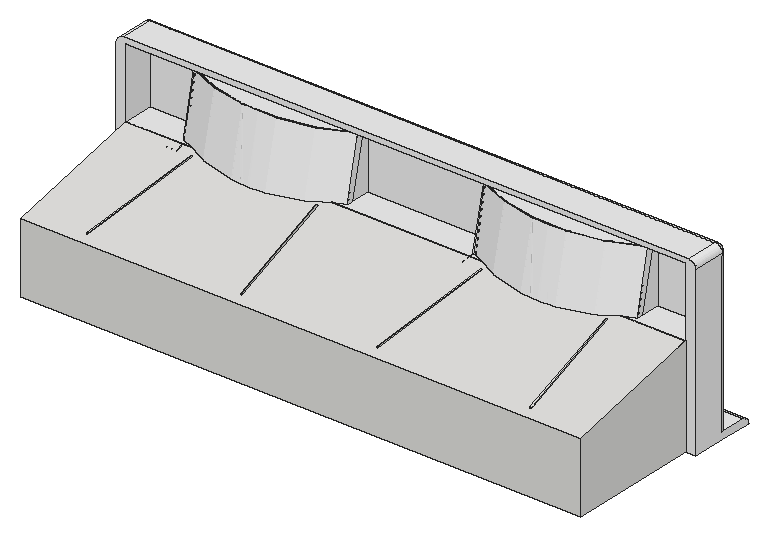
Revit family "Plumbing-Sink-Sloan-Valve-ELC-82000___fffff", category Plumbing Fixtures, host Face, Revit 2020
Family settings
  Host = Face
  Round Connector Dimension = Use Diameter
  Part Type = Normal
  OmniClass Number = 23.45.05.14.14
  OmniClass Title = Sinks/Lavatories
  Cut with Voids When Loaded = No
  Shared = No
  Room Calculation Point = No
Parameters (values of type "ELC-82000")
  Width = 60.00"  # constant formula
  Water Flow = 0.0 GPM
  Waste Connection = yes
  WFU = 2
  Voltage = 110 V
  Vent Connection = no
  Valve Pressure Drop = 0.0 Pa
  URL = "www.sloanvalve.com"
  TAS Ages 4-10 [instance] = no
  TAS Ages 11-15 [instance] = no
  Sanitary Drain Connector Description = "Sanitary Drain Connector"  # constant formula
  Sanitary Drain Connection Diameter = 1.50"  # constant formula
  Product data url = "https://bimobject.com/sloan_valve/product/sinks_sloanstone_ELC-82000"
  Product Material = Sloan - SloanStone - White (WH)
  Power Factor = 1
  Part Number = ""
  Number of Poles = 1
  Model = "ELC-82000"
  Manufacturer = "Sloan Valve"  # constant formula
  Keynote = "10000"
  Hot Water Connector Description = "Hot Water Connector"  # constant formula
  Hot Water Connection Diameter = 0.50"  # constant formula
  Height = 6.78"  # constant formula
  HWFU = 1.5
  HW Connection = yes
  z_Elevation [instance] = if(ADA Compliant, 22.00", if([TAS Ages 4-10], 18.00", if([TAS Ages 11-15], 20.00", 24.00")))  # 22.00"
  Enclosure [instance] = yes
  Edition number = 1
  Description = "SloanStone® 2-Station Wall-Mounted Counter Top Sink."
  Depth = 18.00"  # constant formula
  Default Elevation = 0.00"  # constant formula
  Current = 15 A
  Connector Description = "Electrical Connection"  # constant formula
  Cold Water Connector Description = "Cold Water Connector"  # constant formula
  Cold Water Connection Diameter = 0.50"  # constant formula
  CWFU = 1.5
  CW Connection = yes
  Assembly Code = "D2010400"
  Apparent Load = (Voltage * Current) / (Power Factor * Number of Poles)  # 1650 VA
  ADA Compliant [instance] = yes
Reference planes (in)
  plane 1 "Center (Front/Back)": y = 0
  plane 2: z = 0
  plane 3 "Center (Left/Right)": x = 0
  plane 4: x = -15
  plane 5: x = 15
  plane 6: z = 18
  plane 7: z = 2.13045
  plane 8: y = -14.9375
  plane 9: y = -36.9375
Dimensions and locks (in)
  nested 1 to plane 8 = 11.9375"
  "z_Elevation": plane 8 to plane 9
  aligned and locked: plane 2 to host face
  aligned and locked: level to host face
  aligned and locked: plane 3 "Center (Left/Right)" to nested 1
  aligned and locked: nested 1 to plane 8
Automatic sketch dimensions
  host sketch curve to host sketch curve = 96.00"  (x2)
Nested families (in)
  nested 1: "Geometry" at (0, -3, 0), type "Geometry"
Connectors (in)
  piping at (-15, -14.9375, 0), diameter 1.5, driven by "Sanitary Drain Connection Diameter", driven by "WFU", driven by "Sanitary Drain Connector Description"
    settings: on nested 1, index 5, connector inside diameter 24.00", connector length 0.00", flow factor 0, pipe flow 0.0 GPM, pressure drop 0.0 Pa, fitting loss kfactor 0, connector angle 0.00°, fixture units 2, engagement length 0.00", angle of deflection 0.00°, flow configuration 3, flow direction 2, fitting loss method 0, system type 16, joint type 0, gender type 0, connector reference index -1, connector utility 0, adjustable connector no, is connector primary yes, connector description "Sanitary Drain Connector"
  piping at (-13, -14.9375, 0), diameter 0.5, driven by "Cold Water Connection Diameter", driven by "CWFU", driven by "Cold Water Connector Description"
    settings: on nested 1, index 6, connector inside diameter 24.00", connector length 0.00", flow factor 0, pipe flow 0.0 GPM, pressure drop 0.0 Pa, fitting loss kfactor 0, connector angle 0.00°, fixture units 1.5, engagement length 0.00", angle of deflection 0.00°, flow configuration 3, flow direction 1, fitting loss method 0, system type 20, joint type 0, gender type 0, connector reference index -1, connector utility 0, adjustable connector no, is connector primary no, connector description "Cold Water Connector"
  piping at (-17, -14.9375, 0), diameter 0.5, driven by "Hot Water Connection Diameter", driven by "HWFU", driven by "Hot Water Connector Description"
    settings: on nested 1, index 7, connector inside diameter 24.00", connector length 0.00", flow factor 0, pipe flow 0.0 GPM, pressure drop 0.0 Pa, fitting loss kfactor 0, connector angle 0.00°, fixture units 1.5, engagement length 0.00", angle of deflection 0.00°, flow configuration 3, flow direction 1, fitting loss method 0, system type 19, joint type 0, gender type 0, connector reference index -1, connector utility 0, adjustable connector no, is connector primary no, connector description "Hot Water Connector"
  piping at (15, -14.9375, 0), diameter 1.5, driven by "Sanitary Drain Connection Diameter", driven by "WFU", driven by "Sanitary Drain Connector Description"
    settings: on nested 1, index 8, connector inside diameter 24.00", connector length 0.00", flow factor 0, pipe flow 0.0 GPM, pressure drop 0.0 Pa, fitting loss kfactor 0, connector angle 0.00°, fixture units 2, engagement length 0.00", angle of deflection 0.00°, flow configuration 3, flow direction 2, fitting loss method 0, system type 16, joint type 0, gender type 0, connector reference index -1, connector utility 0, adjustable connector no, is connector primary no, connector description "Sanitary Drain Connector"
  piping at (17, -14.9375, 0), diameter 0.5, driven by "Cold Water Connection Diameter", driven by "CWFU", driven by "Cold Water Connector Description"
    settings: on nested 1, index 9, connector inside diameter 24.00", connector length 0.00", flow factor 0, pipe flow 0.0 GPM, pressure drop 0.0 Pa, fitting loss kfactor 0, connector angle 0.00°, fixture units 1.5, engagement length 0.00", angle of deflection 0.00°, flow configuration 3, flow direction 1, fitting loss method 0, system type 20, joint type 0, gender type 0, connector reference index -1, connector utility 0, adjustable connector no, is connector primary no, connector description "Cold Water Connector"
  piping at (13, -14.9375, 0), diameter 0.5, driven by "Hot Water Connection Diameter", driven by "HWFU", driven by "Hot Water Connector Description"
    settings: on nested 1, index 10, connector inside diameter 24.00", connector length 0.00", flow factor 0, pipe flow 0.0 GPM, pressure drop 0.0 Pa, fitting loss kfactor 0, connector angle 0.00°, fixture units 1.5, engagement length 0.00", angle of deflection 0.00°, flow configuration 3, flow direction 1, fitting loss method 0, system type 19, joint type 0, gender type 0, connector reference index -1, connector utility 0, adjustable connector no, is connector primary no, connector description "Hot Water Connector"
  electrical at (6, -11.9375, 0), driven by "Number of Poles", driven by "Voltage", driven by "Apparent Load", driven by "Power Factor", driven by "Connector Description"
    settings: on nested 1, index 11, voltage 110 V, apparent load 0 VA, apparent load phase1 1650 VA, apparent load phase2 0 VA, apparent load phase3 0 VA, power factor 1, load classification "Other", number of poles 1, system type 31, power factor state 1, is connector primary yes, connector utility no, sub classification motor no, connector description "Electrical Connection"
  electrical at (-24, -11.9375, 0), driven by "Number of Poles", driven by "Voltage", driven by "Apparent Load", driven by "Power Factor", driven by "Connector Description"
    settings: on nested 1, index 12, voltage 110 V, apparent load 0 VA, apparent load phase1 1650 VA, apparent load phase2 0 VA, apparent load phase3 0 VA, power factor 1, load classification "Other", number of poles 1, system type 31, power factor state 1, is connector primary no, connector utility no, sub classification motor no, connector description "Electrical Connection"
Definition of nested family "Geometry"
  Parameters (values of type "Geometry_")
    URL = ""
    Product Material = none
    Model = ""
    Manufacturer = ""
    Enclosure Material = none
    Enclosure = yes
    Description = ""
    Default Elevation = 33.9375"
    Assembly Code = ""
  Reference planes (in)
    plane 1 "Center (Front/Back)": y = 0
    plane 2: z = 0
    plane 3 "Center (Left/Right)": x = 0
    plane 4: z = 18
    plane 5: x = 15
    plane 6: x = -15
    plane 7: y = 3
    plane 8: y = -17.4375
    plane 9: y = -33.9375
    plane 10: y = -3.78125
    plane 11: z = 6.75
    plane 12: y = -11.9375
    plane 13: x = 13
    plane 14: x = 17
    plane 15: y = -3.78125
    plane 16: y = -8.9375
    plane 17: y = -5.89909
    plane 18: x = -23.75
    plane 19: x = -6.25
    plane 20: z = 4.59881
    plane 21: z = 7.6162
    plane 22: y = -33.9375
    plane 23: x = 30
    plane 24: x = -30
    plane 25: x = 29
    plane 26: x = -29
    plane 27: x = 23.75
    plane 28: x = 6.25
    plane 29: z = 7.6162
    plane 30: x = -17
    plane 31: x = -13
  Forms (in)
    Extrusion 1, solid
      sketch origin (0, 0, 0) x (1, 0, 0) y (0, 1, 0)
        loop
          line (-48, 48) -> (-48, -48) -> (48, -48) -> (48, 48) -> (-48, 48)
      from 0 to -12
    Extrusion 2, solid, material <- "Product Material"
      sketch origin (-15, 0, 0) x (0, 1, 0) y (0, 0, 1)
        loop
          line (-4.67455, 0) -> (0, 0) -> (3, 0)
          arc (3, 0) -> (2.78033, 0.53033) -> (2.25, 0.75) r 0.75
          line (2.25, 0.75) -> (0, 0.75) -> (0, 18) -> (-4.67455, 18) -> (-4.67455, 0)
      from -15 to 45
    Blend 3, void
      base sketch origin (-14.99276, 0, 0) x (1, 0, 0) y (0, 0, 1)
        loop
          arc (8, 15.13528) -> (7.85355, 15.48883) -> (7.5, 15.63528) r 0.5
          line (7.5, 15.63528) -> (-7.5, 15.63528)
          arc (-7.5, 15.63528) -> (-7.85355, 15.48883) -> (-8, 15.13528) r 0.5
          line (-8, 15.13528) -> (-8, 5.13528)
          arc (-8, 5.13528) -> (-7.85355, 4.78172) -> (-7.5, 4.63528) r 0.5
          line (-7.5, 4.63528) -> (7.5, 4.63528)
          arc (7.5, 4.63528) -> (7.85355, 4.78172) -> (8, 5.13528) r 0.5
          line (8, 5.13528) -> (8, 15.13528)
      top sketch origin (-14.99276, 0, 0) x (1, 0, 0) y (0, 0, 1)
        loop
          arc (7.5, 4.13528) -> (8.20711, 4.42817) -> (8.5, 5.13528) r 1
          line (8.5, 5.13528) -> (8.5, 15.13528)
          arc (8.5, 15.13528) -> (8.20711, 15.84238) -> (7.5, 16.13528) r 1
          line (7.5, 16.13528) -> (-7.5, 16.13528)
          arc (-7.5, 16.13528) -> (-8.20711, 15.84238) -> (-8.5, 15.13528) r 1
          line (-8.5, 15.13528) -> (-8.5, 5.13528)
          arc (-8.5, 5.13528) -> (-8.20711, 4.42817) -> (-7.5, 4.13528) r 1
          line (-7.5, 4.13528) -> (7.5, 4.13528)
      from 5.04228 to 0
    Blend 4, void
      base sketch origin (0, 0, 0) x (1, 0, 0) y (0, 0, 1)
        loop
          line (-0.5, 0.75) -> (-0.5, 17.49276) -> (-29.48551, 17.49276) -> (-29.48551, 0.75) -> (-0.5, 0.75)
      top sketch origin (0, 0, 0) x (1, 0, 0) y (0, 0, 1)
        loop
          arc (-6.5, 15.13528) -> (-6.79289, 15.84238) -> (-7.5, 16.13528) r 1
          line (-7.5, 16.13528) -> (-22.5, 16.13528)
          arc (-22.5, 16.13528) -> (-23.20711, 15.84238) -> (-23.5, 15.13528) r 1
          line (-23.5, 15.13528) -> (-23.5, 5.13528)
          arc (-23.5, 5.13528) -> (-23.20711, 4.42817) -> (-22.5, 4.13528) r 1
          line (-22.5, 4.13528) -> (-7.5, 4.13528)
          arc (-7.5, 4.13528) -> (-6.79289, 4.42817) -> (-6.5, 5.13528) r 1
          line (-6.5, 5.13528) -> (-6.5, 15.13528)
      from 0 to 0.625
    Extrusion 5, solid, material <- "Enclosure Material"
      sketch origin (15, 15.09345, 0) x (1, 0, 0) y (0, 1, 0)
        loop
          circle (0, -27.03095) r 0.75
        loop
          circle (2, -27.03095) r 0.25
        loop
          circle (-2, -27.03095) r 0.25
      from 0 to 0.01563
    Extrusion 6, solid, material <- "Product Material"
      sketch origin (-15, 0, 0) x (1, 0, 0) y (0, 0, 1)
        loop
          line (1.5625, 0.75) -> (1.5625, 2.13045)
          arc (1.5625, 2.13045) -> (0, 3.69295) -> (-1.5625, 2.13045) r 1.5625
          line (-1.5625, 2.13045) -> (-1.5625, 0.75) -> (1.5625, 0.75)
        loop
          circle (0, 2.2242) r 0.75
      from 0 to 0.75
    Sweep 7, void
      path origin (0, 0, 0) x (1, 0, 0) y (0, 0, 1)
        loop
          line (30, 0.75) -> (30, 17.25)
          arc (30, 17.25) -> (29.78033, 17.78033) -> (29.25, 18) r 0.75
          line (29.25, 18) -> (-29.25, 18)
          arc (-29.25, 18) -> (-29.78033, 17.78033) -> (-30, 17.25) r 0.75
          line (-30, 17.25) -> (-30, 0.75)
      profile origin (30, 0, 9) x (-1, 0, 0) y (0, -1, 0)
        loop
          line (0, 0.38898) -> (0, 0) -> (0.38898, 0)
          arc (0.38898, 0) -> (0.11393, 0.11393) -> (0, 0.38898) r 0.38898
    Extrusion 8, solid, material <- "Product Material"
      sketch origin (-23.25045, 0.02091, 0) x (-0.139173, 0.990268, 0) y (0, 0, 1)
        loop
          circle (-2.06539, 6.60137) r 0.25
        loop
          circle (-2.06539, 6.60137) r 0.1875
      from -0.34335 to -0.28085
    Extrusion 9, solid, material <- "Enclosure Material", visible <- "Enclosure"
      sketch origin (-30, -6.10613, 9.7449) x (0, -0.975993, -0.217802) y (1, 0, 0)
        loop
          line (10.46797, 53.01987) -> (-1.44258, 51.55744) -> (-1.44258, 51.4315) -> (10.46797, 52.89393) -> (10.46797, 53.01987)
        loop
          line (10.46797, 36.98013) -> (10.46797, 37.10607) -> (-1.44258, 38.5685) -> (-1.44258, 38.44256) -> (10.46797, 36.98013)
      from 0 to 0.0625
    Extrusion 10, void
      sketch origin (0, 0, 0) x (1, 0, 0) y (0, 0, 1)
        loop
          line (29.00362, 10.26372) -> (29.00362, 17.49276) -> (0.13036, 17.49276) -> (-29.00362, 17.49276) -> (-29.00362, 10.26372) -> (-23.00362, 10.26372) -> (-23.00362, 15.13528)
          arc (-23.00362, 15.13528) -> (-22.85718, 15.48883) -> (-22.50362, 15.63528) r 0.5
          line (-22.50362, 15.63528) -> (-7.49276, 15.63528)
          arc (-7.49276, 15.63528) -> (-7.1392, 15.48883) -> (-6.99276, 15.13528) r 0.5
          line (-6.99276, 15.13528) -> (-6.99276, 10.26372) -> (-0.06522, 10.26372) -> (6.95629, 10.26372) -> (6.95629, 15.13528)
          arc (6.95629, 15.13528) -> (7.10274, 15.48883) -> (7.45629, 15.63528) r 0.5
          line (7.45629, 15.63528) -> (22.52922, 15.63528)
          arc (22.52922, 15.63528) -> (22.88277, 15.48883) -> (23.02922, 15.13528) r 0.5
          line (23.02922, 15.13528) -> (23.02922, 10.26372) -> (29.00362, 10.26372)
      from 0.625 to 4.67455
    Extrusion 11, solid, material <- "Enclosure Material", visible <- "Enclosure"
      sketch origin (0, 0, 0) x (0, 1, 0) y (0, 0, 1)
        loop
          line (-17.4375, 7.2162) -> (-17.4375, 6.96005) -> (-3.78125, 10.00757) -> (-3.78125, 10.26372) -> (-17.4375, 7.2162)
      from -29 to 29
    Blend 12, solid, material <- "Product Material"
      base sketch origin (15, 0.125, 0) x (1, 0, 0) y (0, 1, 0)
        loop
          arc (-38.5, -1.99005) -> (-30, -4.18096) -> (-21.5, -1.99005) r 17.58403
          line (-21.5, -1.99005) -> (-21.5, -1.41631) -> (-38.5, -1.41631) -> (-38.5, -1.99005)
      top sketch origin (15, 0.125, 0) x (1, 0, 0) y (0, 1, 0)
        loop
          arc (-38.5, -4.74005) -> (-30, -6.93096) -> (-21.5, -4.74005) r 17.58403
          line (-21.5, -4.74005) -> (-21.5, -4.16631)
          arc (-21.5, -4.16631) -> (-30, -6.43096) -> (-38.5, -4.16631) r 17.08403
          line (-38.5, -4.16631) -> (-38.5, -4.74005)
      from 16.24003 to 4.13528
    Extrusion 13, solid, material <- "Product Material"
      sketch origin (15, 0, 0) x (1, 0, 0) y (0, 1, 0)
        loop
          line (-8.5, -0.625) -> (-8.5, -1.86505)
          arc (-8.5, -1.86505) -> (0, -4.05596) -> (8.5, -1.86505) r 17.58403
          line (8.5, -1.86505) -> (8.5, -0.625) -> (-8.5, -0.625)
      from 16.24003 to 16.30253
    Extrusion 14, solid, material <- "Product Material"
      sketch origin (0, 0, 0) x (1, 0, 0) y (0, 1, 0)
        loop
          line (6.55473, -0.625) -> (6.50724, -0.625) -> (6.50724, -4.43554)
          arc (6.50724, -4.43554) -> (6.7309, -4.55667) -> (6.95629, -4.67455) r 17.58403
          line (6.95629, -4.67455) -> (6.55473, -0.625)
      from 5.96236 to 16.30253
    Extrusion 15, void
      sketch origin (0, 0, 0) x (1, 0, 0) y (0, 0, 1)
        loop
          line (30, 17.25) -> (30, 18) -> (29.25, 18)
          arc (29.25, 18) -> (29.78033, 17.78033) -> (30, 17.25) r 0.75
        loop
          arc (-30, 17.25) -> (-29.78033, 17.78033) -> (-29.25, 18) r 0.75
          line (-29.25, 18) -> (-30, 18) -> (-30, 17.25)
      from 0 to 3.78125
    Extrusion 16, solid, material <- "Product Material"
      sketch origin (0, 0, 0) x (-1, 0, 0) y (0, -1, 0)
        loop
          line (-23.43078, 0.625) -> (-23.02922, 4.67455)
          arc (-23.02922, 4.67455) -> (-23.26191, 4.55278) -> (-23.49276, 4.42755) r 17.58403
          line (-23.49276, 4.42755) -> (-23.49276, 0.625) -> (-23.43078, 0.625)
      from 5.96236 to 16.30253
    Extrusion 17, void
      sketch origin (15, 0, 0) x (0, 1, 0) y (0, 0, -1)
        loop
          line (-4.67455, -16.30253) -> (-1.85085, -16.30253) -> (-4.67455, -3.87337) -> (-4.67455, -16.30253)
      from -8.49276 to -8.02922
    Extrusion 18, solid, material <- "Product Material"
      sketch origin (15, 0, 10.20122) x (1, 0, 0) y (0, 1, 0)
        loop
          line (8.5, -2.91522) -> (7, -3.78125) -> (8.5, -3.78125) -> (8.5, -2.91522)
        loop
          line (-8.5, -2.91522) -> (-8.5, -3.78125) -> (-7, -3.78125) -> (-8.5, -2.91522)
      from 0 to 0.0625
    Extrusion 19, solid, material <- "Enclosure Material", visible <- "Enclosure"
      sketch origin (0, 0, 0) x (0, 1, 0) y (0, 0, 1)
        loop
          line (-17.4375, 6.96005) -> (-17.4375, 0) -> (-3.78125, 0) -> (-3.78125, 10.00757) -> (-17.4375, 6.96005)
      from -29 to -28.75
    Extrusion 20, solid, material <- "Enclosure Material", visible <- "Enclosure"
      sketch origin (0, 0, 0) x (0, 1, 0) y (0, 0, -1)
        loop
          line (-17.4375, -6.96005) -> (-3.78125, -10.00757) -> (-3.78125, 0) -> (-17.4375, 0) -> (-17.4375, -6.96005)
      from -29 to -28.75
    Extrusion 21, solid, material <- "Enclosure Material", visible <- "Enclosure"
      sketch origin (0, 0, 0) x (1, 0, 0) y (0, 0, 1)
        loop
          line (-28.75, 7.12021) -> (-28.75, 0) -> (28.75, 0) -> (28.75, 7.12021) -> (-28.75, 7.12021)
      from 17.12216 to 17.4375
    Extrusion 22, solid, material <- "Product Material"
      sketch origin (0, 0, 0) x (0, 1, 0) y (0, 0, 1)
        loop
          line (-4.67455, 4.59881) -> (-6.80596, 4.59881) -> (-6.80596, 4.13528) -> (-3.78125, 4.13528) -> (-3.78125, 4.51023) -> (-4.67455, 4.59881)
      from -23.49276 to -6.49276
    Extrusion 23, void
      sketch origin (0, 0, 0) x (1, 0, 0) y (0, 0, 1)
        loop
          line (-28.875, 17.49276) -> (28.875, 17.49276) -> (28.875, 0) -> (30, 0) -> (30, 18) -> (-30, 18) -> (-30, 0) -> (-28.875, 0) -> (-28.875, 17.49276)
      from 3.78125 to 4.67455
    Extrusion 24, void
      sketch origin (0, 0, 0) x (0, 1, 0) y (0, 0, 1)
        loop
          line (-4.14746, 10.58214) -> (-4.14746, 9.83214) -> (-2.72068, 9.83214) -> (-2.72068, 10.58214) -> (-4.14746, 10.58214)
      from 9.9195 to 19.6902
    Extrusion 25, void
      sketch origin (0, 0, 0) x (0, 1, 0) y (0, 0, 1)
        loop
          line (-4.67455, 10.01749) -> (-3.78125, 10.21684) -> (-3.78125, 10.48935) -> (-4.67455, 10.4112) -> (-4.67455, 10.01749)
      from -29 to 29
    Revolve 26, void
      sketch origin (-15, 0, 28.20146) x (0, 0, 1) y (0, 1, 0)
        loop
          line (-21.33526, -6.3194) -> (-20.69798, -6.06192) -> (-20.69798, -4.65649) -> (-21.33526, -4.65649) -> (-21.33526, -6.3194)
        axis (-21.33526, -6.3194) -> (-21.33526, -4.65649)
      angle from 0 to 360
    Extrusion 27, solid, material <- "Enclosure Material", visible <- "Enclosure"
      sketch origin (30, -6.10613, 9.7449) x (0, -0.975993, -0.217802) y (1, 0, 0)
        loop
          line (10.46797, -53.01987) -> (10.46797, -52.89393) -> (-1.44258, -51.4315) -> (-1.44258, -51.55744) -> (10.46797, -53.01987)
        loop
          line (10.46797, -36.98013) -> (-1.44258, -38.44256) -> (-1.44258, -38.5685) -> (10.46797, -37.10607) -> (10.46797, -36.98013)
      from 0 to 0.0625
    Extrusion 28, solid, material <- "Product Material"
      sketch origin (15, 0, 0) x (-1, 0, 0) y (0, 0, -1)
        loop
          line (1.5625, -0.75) -> (-1.5625, -0.75) -> (-1.5625, -2.13045)
          arc (-1.5625, -2.13045) -> (0, -3.69295) -> (1.5625, -2.13045) r 1.5625
          line (1.5625, -2.13045) -> (1.5625, -0.75)
        loop
          circle (0, -2.2242) r 0.75
      from 0 to 0.75
    Blend 29, void
      base sketch origin (14.99276, 0, 0) x (-1, 0, 0) y (0, 0, -1)
        loop
          line (8, -15.13528) -> (8, -5.13528)
          arc (8, -5.13528) -> (7.85355, -4.78172) -> (7.5, -4.63528) r 0.5
          line (7.5, -4.63528) -> (-7.5, -4.63528)
          arc (-7.5, -4.63528) -> (-7.85355, -4.78172) -> (-8, -5.13528) r 0.5
          line (-8, -5.13528) -> (-8, -15.13528)
          arc (-8, -15.13528) -> (-7.85355, -15.48883) -> (-7.5, -15.63528) r 0.5
          line (-7.5, -15.63528) -> (7.5, -15.63528)
          arc (7.5, -15.63528) -> (7.85355, -15.48883) -> (8, -15.13528) r 0.5
      top sketch origin (14.99276, 0, 0) x (-1, 0, 0) y (0, 0, -1)
        loop
          line (7.5, -4.13528) -> (-7.5, -4.13528)
          arc (-7.5, -4.13528) -> (-8.20711, -4.42817) -> (-8.5, -5.13528) r 1
          line (-8.5, -5.13528) -> (-8.5, -15.13528)
          arc (-8.5, -15.13528) -> (-8.20711, -15.84238) -> (-7.5, -16.13528) r 1
          line (-7.5, -16.13528) -> (7.5, -16.13528)
          arc (7.5, -16.13528) -> (8.20711, -15.84238) -> (8.5, -15.13528) r 1
          line (8.5, -15.13528) -> (8.5, -5.13528)
          arc (8.5, -5.13528) -> (8.20711, -4.42817) -> (7.5, -4.13528) r 1
      from 5.04228 to 0
    Blend 30, void
      base sketch origin (0, 0, 0) x (-1, 0, 0) y (0, 0, -1)
        loop
          line (-0.5, -0.75) -> (-29.49276, -0.75) -> (-29.49276, -17.49276) -> (-0.5, -17.49276) -> (-0.5, -0.75)
      top sketch origin (0, 0, 0) x (-1, 0, 0) y (0, 0, -1)
        loop
          line (-6.5, -15.13528) -> (-6.5, -5.13528)
          arc (-6.5, -5.13528) -> (-6.79289, -4.42817) -> (-7.5, -4.13528) r 1
          line (-7.5, -4.13528) -> (-22.5, -4.13528)
          arc (-22.5, -4.13528) -> (-23.20711, -4.42817) -> (-23.5, -5.13528) r 1
          line (-23.5, -5.13528) -> (-23.5, -15.13528)
          arc (-23.5, -15.13528) -> (-23.20711, -15.84238) -> (-22.5, -16.13528) r 1
          line (-22.5, -16.13528) -> (-7.5, -16.13528)
          arc (-7.5, -16.13528) -> (-6.79289, -15.84238) -> (-6.5, -15.13528) r 1
      from 0 to 0.625
    Blend 31, solid, material <- "Product Material"
      base sketch origin (-15, 0.125, 0) x (-1, 0, 0) y (0, -1, 0)
        loop
          line (-38.5, 1.99005) -> (-38.5, 1.41631) -> (-21.5, 1.41631) -> (-21.5, 1.99005)
          arc (-21.5, 1.99005) -> (-30, 4.18096) -> (-38.5, 1.99005) r 17.58403
      top sketch origin (-15, 0.125, 0) x (-1, 0, 0) y (0, -1, 0)
        loop
          line (-38.5, 4.74005) -> (-38.5, 4.16631)
          arc (-38.5, 4.16631) -> (-30, 6.43096) -> (-21.5, 4.16631) r 17.08403
          line (-21.5, 4.16631) -> (-21.5, 4.74005)
          arc (-21.5, 4.74005) -> (-30, 6.93096) -> (-38.5, 4.74005) r 17.58403
      from 16.24003 to 4.13528
    Extrusion 32, void
      sketch origin (0, 0, 0) x (0, 1, 0) y (0, 0, -1)
        loop
          line (-4.14746, -10.58214) -> (-2.72068, -10.58214) -> (-2.72068, -9.83214) -> (-4.14746, -9.83214) -> (-4.14746, -10.58214)
      from 9.9195 to 19.6902
    Extrusion 33, solid, material <- "Product Material"
      sketch origin (0, 0, 0) x (0, 1, 0) y (0, 0, -1)
        loop
          line (-4.67455, -4.59881) -> (-3.78125, -4.51023) -> (-3.78125, -4.13528) -> (-6.80596, -4.13528) -> (-6.80596, -4.59881) -> (-4.67455, -4.59881)
      from -23.49276 to -6.49276
    Extrusion 34, solid, material <- "Product Material"
      sketch origin (-15, 0, 0) x (-1, 0, 0) y (0, -1, 0)
        loop
          line (-8.5, 0.625) -> (8.5, 0.625) -> (8.5, 1.86505)
          arc (8.5, 1.86505) -> (0, 4.05596) -> (-8.5, 1.86505) r 17.58403
          line (-8.5, 1.86505) -> (-8.5, 0.625)
      from 16.24003 to 16.30253
    Extrusion 35, void
      sketch origin (15, 0, 0) x (0, 1, 0) y (0, 0, 1)
        loop
          line (-4.67455, 16.30253) -> (-4.67455, 3.87337) -> (-1.85085, 16.30253) -> (-4.67455, 16.30253)
      from -8.49276 to -8.02922
    Extrusion 36, solid, material <- "Product Material"
      sketch origin (-15, 0, 10.20122) x (-1, 0, 0) y (0, -1, 0)
        loop
          line (8.5, 2.91522) -> (8.5, 3.78125) -> (7, 3.78125) -> (8.5, 2.91522)
        loop
          line (-8.5, 2.91522) -> (-7, 3.78125) -> (-8.5, 3.78125) -> (-8.5, 2.91522)
        loop
          line (-38.5, 2.91522) -> (-37, 3.78125) -> (-38.5, 3.78125) -> (-38.5, 2.91522)
        loop
          line (-21.5, 2.91522) -> (-21.5, 3.78125) -> (-23, 3.78125) -> (-21.5, 2.91522)
      from 0 to 0.0625
    Extrusion 37, solid, material <- "Product Material"
      sketch origin (0, 0, 0) x (-1, 0, 0) y (0, -1, 0)
        loop
          line (6.55473, 0.625) -> (6.95629, 4.67455)
          arc (6.95629, 4.67455) -> (6.72725, 4.55473) -> (6.5, 4.43155) r 17.58403
          line (6.5, 4.43155) -> (6.5, 0.625) -> (6.55473, 0.625)
      from 5.96236 to 16.30253
    Extrusion 38, solid, material <- "Product Material"
      sketch origin (0, 0, 0) x (1, 0, 0) y (0, 1, 0)
        loop
          line (-23.43078, -0.625) -> (-23.5, -0.625) -> (-23.5, -4.42355)
          arc (-23.5, -4.42355) -> (-23.26556, -4.55084) -> (-23.02922, -4.67455) r 17.58403
          line (-23.02922, -4.67455) -> (-23.43078, -0.625)
      from 5.96236 to 16.30253
    Extrusion 39, void
      sketch origin (-15, 0, 0) x (0, 1, 0) y (0, 0, 1)
        loop
          line (-4.67455, 16.30253) -> (-4.67455, 3.87337) -> (-1.85085, 16.30253) -> (-4.67455, 16.30253)
      from -8.5 to -8.02922
    Extrusion 40, void
      sketch origin (-1.54371, 0, 0) x (0, 1, 0) y (0, 0, -1)
        loop
          line (-4.67455, -16.30253) -> (-1.85085, -16.30253) -> (-4.67455, -3.87337) -> (-4.67455, -16.30253)
      from -8.5 to -8.04371
    Extrusion 41, void
      sketch origin (2.19645, 0, 0) x (0, 1, 0) y (0, 0, -1)
        loop
          line (-4.67455, -16.30253) -> (-1.85085, -16.30253) -> (-4.67455, -3.87337) -> (-4.67455, -16.30253)
      from 8.69645 to 9.1892
    Extrusion 42, solid, material <- "Enclosure Material"
      sketch origin (-15, 15.09345, 0) x (-1, 0, 0) y (0, -1, 0)
        loop
          circle (0, 27.03095) r 0.75
        loop
          circle (2, 27.03095) r 0.25
        loop
          circle (-2, 27.03095) r 0.25
      from 0 to 0.01563
    Extrusion 43, solid, material <- "Enclosure Material"
      sketch origin (-29.99276, 3, 0) x (-1, 0, 0) y (0, -1, 0)
        loop
          line (-7.49276, 10.9375) -> (-4.49276, 10.9375) -> (-4.49276, 12.9375) -> (-7.49276, 12.9375) -> (-7.49276, 10.9375)
      from 0 to 0.0625
    Revolve 44, void
      sketch origin (15, 0, 28.20146) x (0, 0, 1) y (0, 1, 0)
        loop
          line (-21.33526, -6.3194) -> (-20.69798, -6.06192) -> (-20.69798, -4.65649) -> (-21.33526, -4.65649) -> (-21.33526, -6.3194)
        axis (-21.33526, -6.3194) -> (-21.33526, -4.65649)
      angle from 0 to 360
    Extrusion 45, solid, material <- "Product Material"
      sketch origin (23.1261, 0.02091, 0) x (0.139173, 0.990268, 0) y (0, 0, -1)
        loop
          circle (-2.06539, -6.60137) r 0.25
        loop
          circle (-2.06539, -6.60137) r 0.1875
      from -0.34335 to -0.28085
    Extrusion 46, solid, material <- "Enclosure Material"
      sketch origin (29.99276, 3, 0) x (1, 0, 0) y (0, 1, 0)
        loop
          line (-25.49276, -10.9375) -> (-25.49276, -12.9375) -> (-22.49276, -12.9375) -> (-22.49276, -10.9375) -> (-25.49276, -10.9375)
      from 0 to 0.0625
  Cuts and joins
    Extrusion 15, Extrusion 24, Extrusion 32 cuts Extrusion 11
    Extrusion 24, Extrusion 25, Blend 29, Extrusion 35, Extrusion 39, Extrusion 40, Extrusion 41 cuts Extrusion 19
    Extrusion 24, Extrusion 25, Blend 29, Extrusion 35, Extrusion 39, Extrusion 40, Extrusion 41 cuts Extrusion 20
    Extrusion 24, Extrusion 25, Blend 29, Extrusion 35, Extrusion 39, Extrusion 40, Extrusion 41 cuts Extrusion 21
    joined: Extrusion 11, Extrusion 19, Extrusion 20, Extrusion 21
    Extrusion 23, Extrusion 24, Extrusion 25 cuts Extrusion 9
    Blend 29 cuts Extrusion 27
    Extrusion 32, Extrusion 39, Extrusion 41, Revolve 44 cuts Blend 31
    Extrusion 23, Revolve 26, Blend 29, Extrusion 40, Revolve 44 cuts Blend 12
    Blend 3, Blend 4, Sweep 7, Extrusion 10, Extrusion 15, Extrusion 23, Extrusion 24, Extrusion 25, Blend 29, Blend 30, Extrusion 40, Extrusion 41, Revolve 44 cuts Extrusion 2
    Blend 3, Extrusion 15, Extrusion 23, Extrusion 24, Blend 29, Extrusion 40, Extrusion 41, Revolve 44 cuts Extrusion 6
    Blend 29, Extrusion 40, Extrusion 41, Revolve 44 cuts Extrusion 8
    Extrusion 23, Extrusion 24, Blend 29, Extrusion 41, Revolve 44 cuts Extrusion 13
    Extrusion 40, Extrusion 41, Revolve 44 cuts Extrusion 14
    Extrusion 17, Extrusion 23, Extrusion 24, Blend 29, Extrusion 40, Extrusion 41, Revolve 44 cuts Extrusion 16
    Extrusion 23, Extrusion 24, Blend 29, Extrusion 40, Extrusion 41, Revolve 44 cuts Extrusion 18
    Extrusion 23, Extrusion 24, Blend 29, Extrusion 40, Extrusion 41, Revolve 44 cuts Extrusion 22
    Extrusion 35, Extrusion 39, Extrusion 40, Extrusion 41 cuts Extrusion 33
    Revolve 44 cuts Extrusion 36
    Extrusion 41, Revolve 44 cuts Extrusion 37
    Extrusion 39 cuts Extrusion 38
    joined: Extrusion 2, Extrusion 6, Extrusion 8, Extrusion 13, Extrusion 14, Extrusion 16, Extrusion 18, Extrusion 22, Extrusion 28, Extrusion 33, Extrusion 36, Extrusion 37, Extrusion 38
  Lines and regions (in)
    Masking region 1
      outline origin (0, 0, 0) x (1, 0, 0) y (0, 0, 1)
        loop
          line (30, 0) -> (30, 17.25)
          arc (30, 17.25) -> (29.78033, 17.78033) -> (29.25, 18) r 0.75
          line (29.25, 18) -> (-29.25, 18)
          arc (-29.25, 18) -> (-29.78033, 17.78033) -> (-30, 17.25) r 0.75
          line (-30, 17.25) -> (-30, 0) -> (30, 0)
    symbolic lines
      curve 1: line (30, 0, 0.75) -> (-30, 0, 0.75)
    symbolic lines, detail levels medium+fine
      curve 2: line (-7.68339, 0, 16.30253) -> (-22.30212, 0, 16.30253)
      curve 3: line (-6.49276, 0, 5.12745) -> (-6.49276, 0, 15.11189)
      curve 4: line (-22.49276, 0, 4.12745) -> (-7.49276, 0, 4.12745)
      curve 5: line (-23.49276, 0, 15.11189) -> (-23.49276, 0, 5.12745)
      curve 6: arc (-6.49276, 0, 15.11189) -> (-6.84149, 0, 15.9538) -> (-7.68339, 0, 16.30253) r 1.19064
      curve 7: arc (-6.49276, 0, 5.12745) -> (-6.78565, 0, 4.42034) -> (-7.49276, 0, 4.12745) r 1
      curve 8: arc (-23.49276, 0, 15.11189) -> (-23.14403, 0, 15.9538) -> (-22.30212, 0, 16.30253) r 1.19064
      curve 9: arc (-23.49276, 0, 5.12745) -> (-23.19986, 0, 4.42034) -> (-22.49276, 0, 4.12745) r 1
      curve 14: line (29, 0, 0.75) -> (29, 0, 17.4509)
      curve 15: line (29, 0, 17.4509) -> (-29, 0, 17.4509)
      curve 16: line (-29, 0, 17.4509) -> (-29, 0, 0.75)
      curve 17: line (7.68339, 0, 16.30253) -> (22.30212, 0, 16.30253)
      curve 18: line (6.49276, 0, 5.12745) -> (6.49276, 0, 15.11189)
      curve 19: line (22.49276, 0, 4.12745) -> (7.49276, 0, 4.12745)
      curve 20: line (23.49276, 0, 15.11189) -> (23.49276, 0, 5.12745)
      curve 21: arc (6.49276, 0, 15.11189) -> (6.84149, 0, 15.9538) -> (7.68339, 0, 16.30253) r 1.19064
      curve 22: arc (6.49276, 0, 5.12745) -> (6.78565, 0, 4.42034) -> (7.49276, 0, 4.12745) r 1
      curve 23: arc (23.49276, 0, 15.11189) -> (23.14403, 0, 15.9538) -> (22.30212, 0, 16.30253) r 1.19064
      curve 24: arc (23.49276, 0, 5.12745) -> (23.19986, 0, 4.42034) -> (22.49276, 0, 4.12745) r 1
    symbolic lines, detail levels fine
      curve 10: line (16.56244, 0, 0.75) -> (16.56244, 0, 2.13045)
      curve 11: arc (16.56244, 0, 2.13045) -> (15, 0, 3.69289) -> (13.43756, 0, 2.13045) r 1.56244
      curve 12: line (13.43756, 0, 2.13045) -> (13.43756, 0, 0.75)
      curve 13: circle (-14.99276, 0, 6.8662) r 0.6363 normal (0, -1, 0)
      curve 25: circle (14.99276, 0, 6.8662) r 0.6363 normal (0, 1, 0)
      curve 26: line (-16.56244, 0, 0.75) -> (-16.56244, 0, 2.13045)
      curve 27: arc (-16.56244, 0, 2.13045) -> (-15, 0, 3.69289) -> (-13.43756, 0, 2.13045) r 1.56244
      curve 28: line (-13.43756, 0, 2.13045) -> (-13.43756, 0, 0.75)
  Dimensions and locks (in)
    plane 2 to plane 4 = 18.00"
    plane 6 to plane 3 "Center (Left/Right)" to plane 5 = 15.00", 15.00"
    plane 7 to plane 1 "Center (Front/Back)" = 3.00"
    plane 1 "Center (Front/Back)" to plane 8 = 17.4375"  (x2)
    plane 9 to plane 1 "Center (Front/Back)" = 33.9375"
    plane 9 to plane 12 = 22.00"
    plane 1 "Center (Front/Back)" to plane 15 = 3.78125"
    plane 8 to plane 1 "Center (Front/Back)" = 17.4375"
    plane 1 "Center (Front/Back)" to plane 7 = 3.00"
    plane 15 to plane 1 "Center (Front/Back)" = 3.78125"
    plane 8 to plane 16 = 8.50"
    plane 8 to plane 9 = 16.50"
    plane 4 to Extrusion 1 = 18.00"
    Extrusion 10 sketch curve to Extrusion 10 sketch curve = 16.01087"
    level to Masking region 1 = 18.00"
    aligned and locked: plane 2 to Extrusion 1
    aligned and locked: level to Extrusion 1
